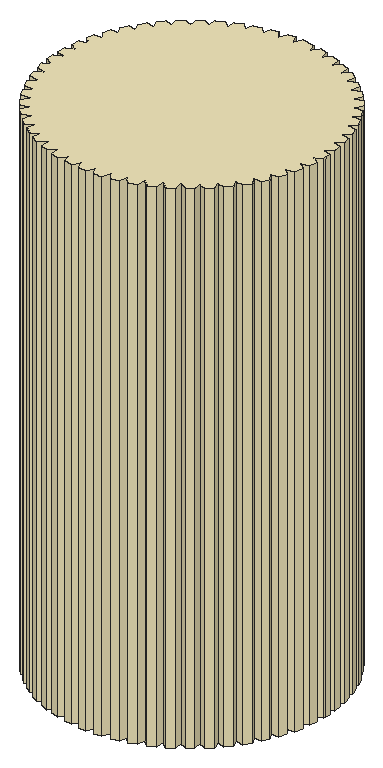
Revit family "ALMA-Loti_Linear-Handle-FaceBased", category Specialty Equipment, host Face, Revit 2026
Family settings
  Host = Face
  Round Connector Dimension = Use Diameter
  Part Type = Normal
  Enable Cutting in Views = Yes
  Cut with Voids When Loaded = No
  Maintain Annotation Orientation = No
  Shared = No
  Room Calculation Point = No
Parameters (values of type "BRUSHED BRASS GOLD")
  Handle_Material = BM_BRASS GOLD
  Default Elevation = 1219.2 mm
Types (7, lengths in mm): name | Handle_Material
  (no name) | BM_BRASS GOLD
  BRUSHED BRASS GOLD | BM_BRASS GOLD
  BRUSHED GUNMETAL | BM_GUNMETAL
  MATTE BLACK | BM_MATTE BLACK
  CHROME | BM_CHROME
  BRUSHED NICKEL | BM_NICKEL
  BRUSHED ANTIQUE BRASS | BM_ANTIQUE BRASS
Reference planes
  plane 1 "Center (Front/Back)": y = 0
  plane 2: z = 0
  plane 3 "Center (Left/Right)": x = 0
  plane 4: y = 7.497
  plane 5: y = -7.497
  plane 6: x = -7.499
  plane 7: x = 7.499
Forms (mm)
  Extrusion 1, solid, material "BM_BRASS GOLD" <- "Handle_Material", detail levels medium+fine
    sketch origin (0, 0, 0) x (1, 0, 0) y (0, 1, 0)
      loop
        circle (0, 0) r 7.5
    from 0 to 28
  Extrusion 2, void
    sketch origin (0, 0, 0) x (1, 0, 0) y (0, 1, 0)
      loop
        line (-0.711, 8.395) -> (0, 7.114) -> (0.711, 8.395) -> (-0.711, 8.395)
    from 0 to 28
  Extrusion 3, void
    sketch origin (0, 0, 0) x (0.989345, -0.145591, 0) y (0.145591, 0.989345, 0)
      loop
        line (-0.711, 8.395) -> (0, 7.114) -> (0.711, 8.395) -> (-0.711, 8.395)
    from 0 to 28
  Extrusion 4, void
    sketch origin (0, 0, 0) x (0.993549, 0.113405, 0) y (-0.113405, 0.993549, 0)
      loop
        line (-0.711, 8.395) -> (0, 7.114) -> (0.711, 8.395) -> (-0.711, 8.395)
    from 0 to 28
  Extrusion 5, void
    sketch origin (0, 0, 0) x (0.974279, 0.225347, 0) y (-0.225347, 0.974279, 0)
      loop
        line (-0.711, 8.395) -> (0, 7.114) -> (0.711, 8.395) -> (-0.711, 8.395)
    from 0 to 28
  Extrusion 6, void
    sketch origin (0, 0, 0) x (0.942438, 0.334381, 0) y (-0.334381, 0.942438, 0)
      loop
        line (-0.711, 8.395) -> (0, 7.114) -> (0.711, 8.395) -> (-0.711, 8.395)
    from 0 to 28
  Extrusion 7, void
    sketch origin (0, 0, 0) x (0.898438, 0.439101, 0) y (-0.439101, 0.898438, 0)
      loop
        line (-0.711, 8.395) -> (0, 7.114) -> (0.711, 8.395) -> (-0.711, 8.395)
    from 0 to 28
  Extrusion 8, void
    sketch origin (0, 0, 0) x (0.842845, 0.538156, 0) y (-0.538156, 0.842845, 0)
      loop
        line (-0.711, 8.395) -> (0, 7.114) -> (0.711, 8.395) -> (-0.711, 8.395)
    from 0 to 28
  Extrusion 9, void
    sketch origin (0, 0, 0) x (0.776378, 0.630267, 0) y (-0.630267, 0.776378, 0)
      loop
        line (-0.711, 8.395) -> (0, 7.114) -> (0.711, 8.395) -> (-0.711, 8.395)
    from 0 to 28
  Extrusion 10, void
    sketch origin (0, 0, 0) x (0.699894, 0.714246, 0) y (-0.714246, 0.699894, 0)
      loop
        line (-0.711, 8.395) -> (0, 7.114) -> (0.711, 8.395) -> (-0.711, 8.395)
    from 0 to 28
  Extrusion 11, void
    sketch origin (0, 0, 0) x (0.61438, 0.78901, 0) y (-0.78901, 0.61438, 0)
      loop
        line (-0.711, 8.395) -> (0, 7.114) -> (0.711, 8.395) -> (-0.711, 8.395)
    from 0 to 28
  Extrusion 12, void
    sketch origin (0, 0, 0) x (0.520939, 0.853594, 0) y (-0.853594, 0.520939, 0)
      loop
        line (-0.711, 8.395) -> (0, 7.114) -> (0.711, 8.395) -> (-0.711, 8.395)
    from 0 to 28
  Extrusion 13, void
    sketch origin (0, 0, 0) x (0.420776, 0.907164, 0) y (-0.907164, 0.420776, 0)
      loop
        line (-0.711, 8.395) -> (0, 7.114) -> (0.711, 8.395) -> (-0.711, 8.395)
    from 0 to 28
  Extrusion 14, void
    sketch origin (0, 0, 0) x (0.315185, 0.94903, 0) y (-0.94903, 0.315185, 0)
      loop
        line (-0.711, 8.395) -> (0, 7.114) -> (0.711, 8.395) -> (-0.711, 8.395)
    from 0 to 28
  Extrusion 15, void
    sketch origin (0, 0, 0) x (0.205527, 0.978651, 0) y (-0.978651, 0.205527, 0)
      loop
        line (-0.711, 8.395) -> (0, 7.114) -> (0.711, 8.395) -> (-0.711, 8.395)
    from 0 to 28
  Extrusion 16, void
    sketch origin (0, 0, 0) x (0.093217, 0.995646, 0) y (-0.995646, 0.093217, 0)
      loop
        line (-0.711, 8.395) -> (0, 7.114) -> (0.711, 8.395) -> (-0.711, 8.395)
    from 0 to 28
  Extrusion 17, void
    sketch origin (0, 0, 0) x (-0.020296, 0.999794, 0) y (-0.999794, -0.020296, 0)
      loop
        line (-0.711, 8.395) -> (0, 7.114) -> (0.711, 8.395) -> (-0.711, 8.395)
    from 0 to 28
  Extrusion 18, void
    sketch origin (0, 0, 0) x (-0.133547, 0.991043, 0) y (-0.991043, -0.133547, 0)
      loop
        line (-0.711, 8.395) -> (0, 7.114) -> (0.711, 8.395) -> (-0.711, 8.395)
    from 0 to 28
  Extrusion 19, void
    sketch origin (0, 0, 0) x (-0.245074, 0.969504, 0) y (-0.969504, -0.245074, 0)
      loop
        line (-0.711, 8.395) -> (0, 7.114) -> (0.711, 8.395) -> (-0.711, 8.395)
    from 0 to 28
  Extrusion 20, void
    sketch origin (0, 0, 0) x (-0.35344, 0.935457, 0) y (-0.935457, -0.35344, 0)
      loop
        line (-0.711, 8.395) -> (0, 7.114) -> (0.711, 8.395) -> (-0.711, 8.395)
    from 0 to 28
  Extrusion 21, void
    sketch origin (0, 0, 0) x (-0.457245, 0.889341, 0) y (-0.889341, -0.457245, 0)
      loop
        line (-0.711, 8.395) -> (0, 7.114) -> (0.711, 8.395) -> (-0.711, 8.395)
    from 0 to 28
  Extrusion 22, void
    sketch origin (0, 0, 0) x (-0.555151, 0.831749, 0) y (-0.831749, -0.555151, 0)
      loop
        line (-0.711, 8.395) -> (0, 7.114) -> (0.711, 8.395) -> (-0.711, 8.395)
    from 0 to 28
  Extrusion 23, void
    sketch origin (0, 0, 0) x (-0.645894, 0.763427, 0) y (-0.763427, -0.645894, 0)
      loop
        line (-0.711, 8.395) -> (0, 7.114) -> (0.711, 8.395) -> (-0.711, 8.395)
    from 0 to 28
  Extrusion 24, void
    sketch origin (0, 0, 0) x (-0.728304, 0.685254, 0) y (-0.685254, -0.728304, 0)
      loop
        line (-0.711, 8.395) -> (0, 7.114) -> (0.711, 8.395) -> (-0.711, 8.395)
    from 0 to 28
  Extrusion 25, void
    sketch origin (0, 0, 0) x (-0.801317, 0.59824, 0) y (-0.59824, -0.801317, 0)
      loop
        line (-0.711, 8.395) -> (0, 7.114) -> (0.711, 8.395) -> (-0.711, 8.395)
    from 0 to 28
  Extrusion 26, void
    sketch origin (0, 0, 0) x (-0.863991, 0.503507, 0) y (-0.503507, -0.863991, 0)
      loop
        line (-0.711, 8.395) -> (0, 7.114) -> (0.711, 8.395) -> (-0.711, 8.395)
    from 0 to 28
  Extrusion 27, void
    sketch origin (0, 0, 0) x (-0.915518, 0.402278, 0) y (-0.402278, -0.915518, 0)
      loop
        line (-0.711, 8.395) -> (0, 7.114) -> (0.711, 8.395) -> (-0.711, 8.395)
    from 0 to 28
  Extrusion 28, void
    sketch origin (0, 0, 0) x (-0.955232, 0.295859, 0) y (-0.295859, -0.955232, 0)
      loop
        line (-0.711, 8.395) -> (0, 7.114) -> (0.711, 8.395) -> (-0.711, 8.395)
    from 0 to 28
  Extrusion 29, void
    sketch origin (0, 0, 0) x (-0.982621, 0.185622, 0) y (-0.185622, -0.982621, 0)
      loop
        line (-0.711, 8.395) -> (0, 7.114) -> (0.711, 8.395) -> (-0.711, 8.395)
    from 0 to 28
  Extrusion 30, void
    sketch origin (0, 0, 0) x (-0.997333, 0.07299, 0) y (-0.07299, -0.997333, 0)
      loop
        line (-0.711, 8.395) -> (0, 7.114) -> (0.711, 8.395) -> (-0.711, 8.395)
    from 0 to 28
  Extrusion 31, void
    sketch origin (0, 0, 0) x (-0.999176, -0.040583, 0) y (0.040583, -0.999176, 0)
      loop
        line (-0.711, 8.395) -> (0, 7.114) -> (0.711, 8.395) -> (-0.711, 8.395)
    from 0 to 28
  Extrusion 32, void
    sketch origin (0, 0, 0) x (-0.988128, -0.153633, 0) y (0.153633, -0.988128, 0)
      loop
        line (-0.711, 8.395) -> (0, 7.114) -> (0.711, 8.395) -> (-0.711, 8.395)
    from 0 to 28
  Extrusion 33, void
    sketch origin (0, 0, 0) x (-0.964331, -0.264701, 0) y (0.264701, -0.964331, 0)
      loop
        line (-0.711, 8.395) -> (0, 7.114) -> (0.711, 8.395) -> (-0.711, 8.395)
    from 0 to 28
  Extrusion 34, void
    sketch origin (0, 0, 0) x (-0.928091, -0.372353, 0) y (0.372353, -0.928091, 0)
      loop
        line (-0.711, 8.395) -> (0, 7.114) -> (0.711, 8.395) -> (-0.711, 8.395)
    from 0 to 28
  Extrusion 35, void
    sketch origin (0, 0, 0) x (-0.879877, -0.475201, 0) y (0.475201, -0.879877, 0)
      loop
        line (-0.711, 8.395) -> (0, 7.114) -> (0.711, 8.395) -> (-0.711, 8.395)
    from 0 to 28
  Extrusion 36, void
    sketch origin (0, 0, 0) x (-0.820311, -0.571918, 0) y (0.571918, -0.820311, 0)
      loop
        line (-0.711, 8.395) -> (0, 7.114) -> (0.711, 8.395) -> (-0.711, 8.395)
    from 0 to 28
  Extrusion 37, void
    sketch origin (0, 0, 0) x (-0.750161, -0.661256, 0) y (0.661256, -0.750161, 0)
      loop
        line (-0.711, 8.395) -> (0, 7.114) -> (0.711, 8.395) -> (-0.711, 8.395)
    from 0 to 28
  Extrusion 38, void
    sketch origin (0, 0, 0) x (-0.670331, -0.742062, 0) y (0.742062, -0.670331, 0)
      loop
        line (-0.711, 8.395) -> (0, 7.114) -> (0.711, 8.395) -> (-0.711, 8.395)
    from 0 to 28
  Extrusion 39, void
    sketch origin (0, 0, 0) x (-0.581853, -0.813294, 0) y (0.813294, -0.581853, 0)
      loop
        line (-0.711, 8.395) -> (0, 7.114) -> (0.711, 8.395) -> (-0.711, 8.395)
    from 0 to 28
  Extrusion 40, void
    sketch origin (0, 0, 0) x (-0.485868, -0.874032, 0) y (0.874032, -0.485868, 0)
      loop
        line (-0.711, 8.395) -> (0, 7.114) -> (0.711, 8.395) -> (-0.711, 8.395)
    from 0 to 28
  Extrusion 41, void
    sketch origin (0, 0, 0) x (-0.383614, -0.923493, 0) y (0.923493, -0.383614, 0)
      loop
        line (-0.711, 8.395) -> (0, 7.114) -> (0.711, 8.395) -> (-0.711, 8.395)
    from 0 to 28
  Extrusion 42, void
    sketch origin (0, 0, 0) x (-0.276411, -0.96104, 0) y (0.96104, -0.276411, 0)
      loop
        line (-0.711, 8.395) -> (0, 7.114) -> (0.711, 8.395) -> (-0.711, 8.395)
    from 0 to 28
  Extrusion 43, void
    sketch origin (0, 0, 0) x (-0.165641, -0.986186, 0) y (0.986186, -0.165641, 0)
      loop
        line (-0.711, 8.395) -> (0, 7.114) -> (0.711, 8.395) -> (-0.711, 8.395)
    from 0 to 28
  Extrusion 44, void
    sketch origin (0, 0, 0) x (-0.052734, -0.998609, 0) y (0.998609, -0.052734, 0)
      loop
        line (-0.711, 8.395) -> (0, 7.114) -> (0.711, 8.395) -> (-0.711, 8.395)
    from 0 to 28
  Extrusion 45, void
    sketch origin (0, 0, 0) x (0.060854, -0.998147, 0) y (0.998147, 0.060854, 0)
      loop
        line (-0.711, 8.395) -> (0, 7.114) -> (0.711, 8.395) -> (-0.711, 8.395)
    from 0 to 28
  Extrusion 46, void
    sketch origin (0, 0, 0) x (0.173656, -0.984806, 0) y (0.984806, 0.173656, 0)
      loop
        line (-0.711, 8.395) -> (0, 7.114) -> (0.711, 8.395) -> (-0.711, 8.395)
    from 0 to 28
  Extrusion 47, void
    sketch origin (0, 0, 0) x (0.284218, -0.95876, 0) y (0.95876, 0.284218, 0)
      loop
        line (-0.711, 8.395) -> (0, 7.114) -> (0.711, 8.395) -> (-0.711, 8.395)
    from 0 to 28
  Extrusion 48, void
    sketch origin (0, 0, 0) x (0.391112, -0.920343, 0) y (0.920343, 0.391112, 0)
      loop
        line (-0.711, 8.395) -> (0, 7.114) -> (0.711, 8.395) -> (-0.711, 8.395)
    from 0 to 28
  Extrusion 49, void
    sketch origin (0, 0, 0) x (0.492961, -0.870051, 0) y (0.870051, 0.492961, 0)
      loop
        line (-0.711, 8.395) -> (0, 7.114) -> (0.711, 8.395) -> (-0.711, 8.395)
    from 0 to 28
  Extrusion 50, void
    sketch origin (0, 0, 0) x (0.588449, -0.808534, 0) y (0.808534, 0.588449, 0)
      loop
        line (-0.711, 8.395) -> (0, 7.114) -> (0.711, 8.395) -> (-0.711, 8.395)
    from 0 to 28
  Extrusion 51, void
    sketch origin (0, 0, 0) x (0.676345, -0.736585, 0) y (0.736585, 0.676345, 0)
      loop
        line (-0.711, 8.395) -> (0, 7.114) -> (0.711, 8.395) -> (-0.711, 8.395)
    from 0 to 28
  Extrusion 52, void
    sketch origin (0, 0, 0) x (0.755514, -0.655133, 0) y (0.655133, 0.755514, 0)
      loop
        line (-0.711, 8.395) -> (0, 7.114) -> (0.711, 8.395) -> (-0.711, 8.395)
    from 0 to 28
  Extrusion 53, void
    sketch origin (0, 0, 0) x (0.824935, -0.565227, 0) y (0.565227, 0.824935, 0)
      loop
        line (-0.711, 8.395) -> (0, 7.114) -> (0.711, 8.395) -> (-0.711, 8.395)
    from 0 to 28
  Extrusion 54, void
    sketch origin (0, 0, 0) x (0.883713, -0.468029, 0) y (0.468029, 0.883713, 0)
      loop
        line (-0.711, 8.395) -> (0, 7.114) -> (0.711, 8.395) -> (-0.711, 8.395)
    from 0 to 28
  Extrusion 55, void
    sketch origin (0, 0, 0) x (0.931089, -0.364792, 0) y (0.364792, 0.931089, 0)
      loop
        line (-0.711, 8.395) -> (0, 7.114) -> (0.711, 8.395) -> (-0.711, 8.395)
    from 0 to 28
  Extrusion 56, void
    sketch origin (0, 0, 0) x (0.966452, -0.256849, 0) y (0.256849, 0.966452, 0)
      loop
        line (-0.711, 8.395) -> (0, 7.114) -> (0.711, 8.395) -> (-0.711, 8.395)
    from 0 to 28
  Extrusion 57, solid, material "BM_BRASS GOLD" <- "Handle_Material", detail levels coarse
    sketch origin (0, 0, 0) x (1, 0, 0) y (0, 1, 0)
      loop
        circle (0, 0) r 7.5
    from 0 to 28
Cuts and joins
  Extrusion 2, Extrusion 3, Extrusion 4, Extrusion 5, Extrusion 6, Extrusion 7, Extrusion 8, Extrusion 9, Extrusion 10, Extrusion 11, Extrusion 12, Extrusion 13, Extrusion 14, Extrusion 15, Extrusion 16, Extrusion 17, Extrusion 18, Extrusion 19, Extrusion 20, Extrusion 21, Extrusion 22, Extrusion 23, Extrusion 24, Extrusion 25, Extrusion 26, Extrusion 27, Extrusion 28, Extrusion 29, Extrusion 30, Extrusion 31, Extrusion 32, Extrusion 33, Extrusion 34, Extrusion 35, Extrusion 36, Extrusion 37, Extrusion 38, Extrusion 39, Extrusion 40, Extrusion 41, Extrusion 42, Extrusion 43, Extrusion 44, Extrusion 45, Extrusion 46, Extrusion 47, Extrusion 48, Extrusion 49, Extrusion 50, Extrusion 51, Extrusion 52, Extrusion 53, Extrusion 54, Extrusion 55, Extrusion 56 cuts Extrusion 1
Text (mm)
  text "Refer to www.buildmat.com.au for the most current product literature. \nAllow a +/- 5mm tolerance for dimensions shown in the product literature. \nPlease note product details are subject to change due to ongoing product development." at (-1.255, -1320.057, 0), in view "Ref. Level"
Dimensions and locks
  equal spacing: plane 5, plane 1 "Center (Front/Back)", plane 4
  equal spacing: plane 6, plane 3 "Center (Left/Right)", plane 7
  aligned and locked: plane 2 to host face
  aligned and locked: level to host face
